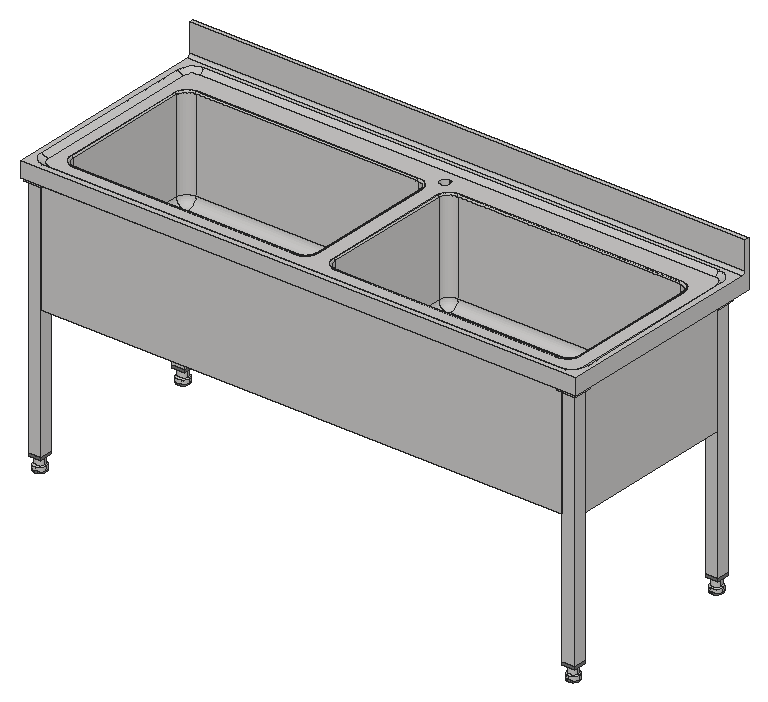
Revit family "QF_ELECTROLUXPROFESSIONAL_132914_SLP218N", category Attrezzature speciali, Revit 2020
Family settings
  Quota connettore circolare = Usa diametro
  Tipo di parte = Normale
  Basato su piano di lavoro = No
  Sempre verticale = Sì
  Taglio con vuoti quando caricato = No
  Condiviso = No
  Punto di calcolo locali = No
Parameters (values of type "Standard")
  Weight = 70.00 kg
  Watts = 0 W
  Volts = 0 V
  URL Manufacturer = "https://www.electroluxprofessional.com/"
  URL = "https://www.electroluxprofessional.com/"
  Steam Supply Size = 0 mm
  Steam Supply Minimum Pressure = 0.0 Pa
  Steam Supply Maximum Pressure = 0.0 Pa
  Steam Consumption per Hour = 0
  Refrigeration Suction Line Size = 0.0 mm
  Refrigeration Liquid Line Size = 0.0 mm
  Refrigerant Compressor Remote = yes
  Prospetto di default = 0.0 mm
  Phase = 0
  Modello = "SLP218N"
  Produttore = "Electrolux Professional"
  Length Actual = 1800.0 mm  # constant formula
  Item Number = "132914"
  Hot Water Size = 0 mm
  Height Actual = 900.0 mm  # constant formula
  HP = "0 HP"
  Gas Size = 0 mm
  Gas KW = 0
  Gas Input Pressure = 0 W
  Direct Waste Size = 139.7 mm
  Descrizione = "SOAKING SINK UNIT WITH 2 BOWLS (800X510X340MM), 1800MM"
  Depth Actual = 700.0 mm  # constant formula
  Cycle = 0 Hz
  Condensate Return Size = 0 mm
  Compressed Air Volume = 0.0 L/s
  Compressed Air Size = 0 mm
  Compressed Air Pressure = 0.0 Pa
  Cold Water Size = 0 mm
  Accessory = yes
Reference planes
  plane 1 "Center (Front/Back)": y = 0
  plane 2: z = 0
  plane 3 "LEFT": x = -1000
  plane 4 "RIGHT": x = 800
  plane 5 "BACK": y = 350
  plane 6 "FRONT": y = -350
  plane 7 "Base": z = 850
  plane 8 "TOP": z = 900
  plane 9 "Sink_Base": z = 608
  plane 10: z = 441
  plane 11 "PlaneGrid": z = 890
  plane 12: y = 246.5
  plane 13: y = 141
  plane 14 "Center (Left/Right)": x = -100
  plane 15: x = -205
  plane 16: x = 5
Forms (mm)
  Extrusion 1, solid, material "QF_Finishes_Stainless Steel"
    sketch origin (-100, 0, 0) x (0, 1, 0) y (0, 0, 1)
      loop
        line (-350, 850) -> (350, 850) -> (350, 1000) -> (337, 1000) -> (337, 910)
        arc (337, 910) -> (334.071, 902.929) -> (327, 900) r 10
        line (327, 900) -> (-350, 900) -> (-350, 850)
    from 900 to -900
  Extrusion 2, void
    sketch origin (-106.5, -23.5, 608) x (0, -1, 0) y (1, 0, 0)
      loop
        circle (-270, 6.5) r 16
    from 292 to 170.245
  Blend 3, void
    base sketch origin (0, 0, 900) x (0, 1, 0) y (-1, 0, 0)
      loop
        arc (312.89, 934.89) -> (298.832, 968.832) -> (264.89, 982.89) r 48
        line (264.89, 982.89) -> (-284.89, 982.89)
        arc (-284.89, 982.89) -> (-318.832, 968.832) -> (-332.89, 934.89) r 48
        line (-332.89, 934.89) -> (-332.89, -734.89)
        arc (-332.89, -734.89) -> (-318.832, -768.832) -> (-284.89, -782.89) r 48
        line (-284.89, -782.89) -> (264.89, -782.89)
        arc (264.89, -782.89) -> (298.832, -768.832) -> (312.89, -734.89) r 48
        line (312.89, -734.89) -> (312.89, 934.89)
    top sketch origin (0, 0, 900) x (0, 1, 0) y (-1, 0, 0)
      loop
        arc (-284.457, 964.457) -> (-305.67, 955.67) -> (-314.457, 934.457) r 30
        line (-314.457, 934.457) -> (-314.457, -734.985)
        arc (-314.457, -734.985) -> (-305.67, -756.198) -> (-284.457, -764.985) r 30
        line (-284.457, -764.985) -> (264.457, -764.985)
        arc (264.457, -764.985) -> (285.67, -756.198) -> (294.457, -734.985) r 30
        line (294.457, -734.985) -> (294.457, 934.457)
        arc (294.457, 934.457) -> (285.67, 955.67) -> (264.457, 964.457) r 30
        line (264.457, 964.457) -> (-284.457, 964.457)
    from 0 to -10
  Extrusion 4, void
    sketch origin (100, -25.02, 900) x (0, 1, 0) y (-1, 0, 0)
      loop
        arc (247.02, 986) -> (235.304, 1014.284) -> (207.02, 1026) r 40
        line (207.02, 1026) -> (-212.98, 1026)
        arc (-212.98, 1026) -> (-241.264, 1014.284) -> (-252.98, 986) r 40
        line (-252.98, 986) -> (-252.98, 264)
        arc (-252.98, 264) -> (-241.264, 235.716) -> (-212.98, 224) r 40
        line (-212.98, 224) -> (207.02, 224)
        arc (207.02, 224) -> (235.304, 235.716) -> (247.02, 264) r 40
        line (247.02, 264) -> (247.02, 986)
      loop
        line (-252.98, 136) -> (-252.98, -586)
        arc (-252.98, -586) -> (-241.264, -614.284) -> (-212.98, -626) r 40
        line (-212.98, -626) -> (207.02, -626)
        arc (207.02, -626) -> (235.304, -614.284) -> (247.02, -586) r 40
        line (247.02, -586) -> (247.02, 136)
        arc (247.02, 136) -> (235.304, 164.284) -> (207.02, 176) r 40
        line (207.02, 176) -> (-212.98, 176)
        arc (-212.98, 176) -> (-241.264, 164.284) -> (-252.98, 136) r 40
    from 63.904 to -121.755
Cuts and joins
  Extrusion 2, Blend 3, Extrusion 4 cuts Extrusion 1
Lines and regions (mm)
  symbolic lines
    curve 1: line (800, 350, 900) -> (-1000, 350, 900)
    curve 2: line (-1000, 350, 900) -> (-1000, -350, 900)
    curve 3: line (-1000, -350, 900) -> (800, -350, 900)
    curve 4: line (800, -350, 900) -> (800, 350, 900)
    curve 5: line (800, 337, 900) -> (-1000, 337, 900)
    curve 6: line (-982.89, -257.89, 900) -> (-982.89, 237.89, 900)
    curve 7: circle (-100, 246.5, 900) r 16 normal (0, 0, 1)
    curve 8: arc (-982.89, 264.89, 900) -> (-968.832, 298.832, 900) -> (-934.89, 312.89, 900) r 48
    curve 9: line (-934.89, 312.89, 900) -> (734.89, 312.89, 900)
    curve 10: line (-982.89, -284.89, 900) -> (-982.89, 264.89, 900)
    curve 11: arc (-934.89, -332.89, 900) -> (-968.832, -318.832, 900) -> (-982.89, -284.89, 900) r 48
    curve 12: line (734.89, -332.89, 900) -> (-934.89, -332.89, 900)
    curve 13: arc (782.89, -284.89, 900) -> (768.832, -318.832, 900) -> (734.89, -332.89, 900) r 48
    curve 14: line (782.89, 264.89, 900) -> (782.89, -284.89, 900)
    curve 15: arc (734.89, 312.89, 900) -> (768.832, 298.832, 900) -> (782.89, 264.89, 900) r 48
    curve 16: line (764.985, -284.457, 900) -> (764.985, 264.457, 900)
    curve 17: arc (764.985, 264.457, 900) -> (756.198, 285.67, 900) -> (734.985, 294.457, 900) r 30
    curve 18: line (734.985, 294.457, 900) -> (-934.457, 294.457, 900)
    curve 19: arc (-934.457, 294.457, 900) -> (-955.67, 285.67, 900) -> (-964.457, 264.457, 900) r 30
    curve 20: line (-964.457, 264.457, 900) -> (-964.457, -284.457, 900)
    curve 21: arc (-964.457, -284.457, 900) -> (-955.67, -305.67, 900) -> (-934.457, -314.457, 900) r 30
    curve 22: line (-934.457, -314.457, 900) -> (734.985, -314.457, 900)
    curve 23: arc (734.985, -314.457, 900) -> (756.198, -305.67, 900) -> (764.985, -284.457, 900) r 30
Dimensions and locks
  plane 3 "LEFT" to plane 4 "RIGHT" = 1800.0 mm  (x2)
  locked: plane 7 "Base" to level at 850
  locked: Extrusion 1 to level at 1000
  plane 8 "TOP" to level = 900.0 mm
  plane 5 "BACK" to plane 6 "FRONT" = 700.0 mm
  equal spacing: plane 5 "BACK", plane 1 "Center (Front/Back)", plane 6 "FRONT"
  plane 9 "Sink_Base" to level = 608.0 mm
  plane 10 to level = 441.0 mm
  locked: plane 5 "BACK" to plane 13 at 209
  aligned and locked: level to plane 2
  aligned and locked: curve 2 to plane 3 "LEFT"
Automatic sketch dimensions
  plane 6 "FRONT" to Blend 3 sketch curve = 17.11 mm
  Blend 3 sketch curve to Blend 3 sketch curve = 48.0 mm  (x3)
  plane 3 "LEFT" to Blend 3 sketch curve = 17.11 mm
  plane 6 "FRONT" to Blend 3 sketch curve = 65.11 mm
  Blend 3 sketch curve to plane 5 "BACK" = 37.11 mm
  Blend 3 sketch curve to plane 4 "RIGHT" = 65.11 mm
  curve 3 to plane 4 "RIGHT" = 0.0 mm
  curve 3 to plane 6 "FRONT" = 0.0 mm
  curve 4 to plane 5 "BACK" = 0.0 mm
  curve 5 to plane 5 "BACK" = 13.0 mm
  plane 6 "FRONT" to curve 6 = 92.11 mm
  plane 3 "LEFT" to curve 6 = 17.11 mm
  plane 6 "FRONT" to Blend 3 sketch curve = 35.543 mm
  Blend 3 sketch curve to Blend 3 sketch curve = 30.0 mm  (x3)
  Blend 3 sketch curve to plane 4 "RIGHT" = 35.015 mm
  plane 3 "LEFT" to Blend 3 sketch curve = 65.543 mm
  curve 9 to plane 5 "BACK" = 37.11 mm
  curve 8 to curve 6 = 48.0 mm
  curve 10 to curve 6 = 27.0 mm
  curve 11 to curve 11 = 48.0 mm
  curve 12 to plane 4 "RIGHT" = 65.11 mm
  curve 13 to curve 13 = 48.0 mm
  curve 15 to curve 16 = 17.905 mm
  curve 17 to curve 15 = 0.095 mm
  curve 13 to curve 16 = 0.433 mm
  curve 18 to curve 8 = 0.433 mm
  curve 19 to curve 8 = 0.433 mm
  curve 11 to curve 20 = 0.433 mm
  curve 21 to curve 11 = 0.433 mm
  curve 22 to curve 13 = 0.095 mm
  plane 6 "FRONT" to Extrusion 4 sketch curve = 72.0 mm  (x2)
  Extrusion 4 sketch curve to Extrusion 4 sketch curve = 40.0 mm  (x5)
  Extrusion 4 sketch curve to Extrusion 4 sketch curve = 0.0 mm  (x2)
  Extrusion 4 sketch curve to plane 4 "RIGHT" = 114.0 mm
  plane 3 "LEFT" to Extrusion 4 sketch curve = 114.0 mm
  curve 19 to curve 18 = 30.0 mm
  curve 17 to curve 17 = 30.0 mm
  curve 7 to plane 5 "BACK" = 103.5 mm
  curve 6 to curve 8 = 27.0 mm
  Extrusion 2 sketch curve to plane 5 "BACK" = 103.5 mm
  Blend 3 sketch curve to plane 5 "BACK" = 85.543 mm  (x2)
  Extrusion 4 sketch curve to plane 12 = 64.5 mm  (x3)
  Extrusion 4 sketch curve to Extrusion 4 sketch curve = 48.0 mm
  curve 15 to curve 7 = 834.89 mm
  Extrusion 2 sketch curve to plane 4 "RIGHT" = 900.0 mm
  Extrusion 4 sketch curve to plane 4 "RIGHT" = 836.0 mm
  Extrusion 1 sketch curve to plane 6 "FRONT" = 0.0 mm
  Extrusion 1 sketch curve to plane 8 "TOP" = 0.0 mm
  Extrusion 1 sketch curve to plane 5 "BACK" = 0.0 mm
  Extrusion 1 sketch curve to plane 7 "Base" = 0.0 mm
  plane 8 "TOP" to Extrusion 1 sketch curve = 10.0 mm
  Extrusion 1 sketch curve to plane 5 "BACK" = 23.0 mm
  Extrusion 1 sketch curve to Extrusion 1 sketch curve = 90.0 mm
  radius of Extrusion 2 sketch curve = 16.0 mm
  radius of curve 7 = 16.0 mm
Nested families
  nested 1: "SINK_Vasca80x50_T3_DEEP" at (-524.949, -28, 0), type "SINK_Vasca80x50_T3_DEEP"
  nested 2: "SINK_Vasca80x50_T3_DEEP" at (324.949, -28, 0) x (-1, 0, 0) z (0, 0, 1), type "SINK_Vasca80x50_T3_DEEP"
  nested 3: "TAV_W1800_CASSH" at (-250, 0, 0), type "TAV_W1800_CASSH"
Connectors
  piping at (-205, 141, 528.5), diameter 30
    settings: on nested 1, index 1, connector inside diameter 609.6 mm, connector length 0.0 mm, flow factor 0, pipe flow 0.0 L/s, pressure drop 0.0 Pa, fitting loss kfactor 0, connector angle 0.00°, fixture units 0, engagement length 0.0 mm, angle of deflection 0.00°, flow configuration 1, flow direction 2, fitting loss method 0, system type 16, joint type 0, gender type 0, connector reference index -1, connector utility 0, adjustable connector no, is connector primary yes, connector description "Drain 1"
  piping at (5, 141, 528.5), diameter 30
    settings: on nested 2, index 2, connector inside diameter 609.6 mm, connector length 0.0 mm, flow factor 0, pipe flow 0.0 L/s, pressure drop 0.0 Pa, fitting loss kfactor 0, connector angle 0.00°, fixture units 0, engagement length 0.0 mm, angle of deflection 0.00°, flow configuration 1, flow direction 2, fitting loss method 0, system type 16, joint type 0, gender type 0, connector reference index -1, connector utility 0, adjustable connector no, is connector primary no, connector description "Drain 2"
Definition of nested family "SINK_Vasca80x50_T3_DEEP"
  Parameters
    Width = 800.0 mm
    ScaricoY = 80.0 mm
    ScaricoX = 80.0 mm
    Default Elevation = 0.0 mm
    Height_Top = 900.0 mm
    FEET = 850.0 mm
    Depth = 500.0 mm
  Reference planes
    plane 1 "Center (Front/Back)": y = 0
    plane 2: z = 0
    plane 3 "Center (Left/Right)": x = 0
    plane 4 "Top": z = 900
    plane 5 "Left": x = -400
    plane 6 "Right": x = 400
    plane 7 "Back": y = 250
    plane 8 "Front": y = -250
    plane 9 "BaseVasca": z = 558
    plane 10: y = 169
    plane 11: x = 319.949
  Forms (mm)
    Sweep 1, solid
      path origin (1.49, 0, 900) x (-1, 0, 0) y (0, -1, 0)
        loop
          line (-398.51, 210) -> (-398.51, -210)
          arc (-398.51, -210) -> (-386.794, -238.284) -> (-358.51, -250) r 40
          line (-358.51, -250) -> (360.416, -250)
          arc (360.416, -250) -> (389.46, -237.97) -> (401.49, -208.926) r 41.074
          line (401.49, -208.926) -> (401.49, 209.721)
          arc (401.49, 209.721) -> (389.693, 238.203) -> (361.211, 250) r 40.279
          line (361.211, 250) -> (-358.51, 250)
          arc (-358.51, 250) -> (-386.794, 238.284) -> (-398.51, 210) r 40
      profile origin (400, 0, 900) x (-1, 0, 0) y (0, 0, 1)
        loop
          arc (5, -15) -> (3.536, -11.464) -> (0, -10) r 5
          line (0, -10) -> (0, -11.5)
          arc (0, -11.5) -> (2.475, -12.525) -> (3.5, -15) r 3.5
          line (3.5, -15) -> (3.5, -310.5)
          arc (3.5, -310.5) -> (12.726, -332.774) -> (35, -342) r 31.5
          line (35, -342) -> (35, -340.5)
          arc (35, -340.5) -> (13.787, -331.713) -> (5, -310.5) r 30
          line (5, -310.5) -> (5, -15)
    Revolve 2, solid
      sketch origin (319.949, -10, 0) x (0, 1, 0) y (0, 0, 1)
        loop
          line (195.5, 542.617) -> (207.058, 549.84) -> (207.058, 558) -> (205.558, 558) -> (205.558, 550.671) -> (194, 543.449) -> (194, 528.5) -> (195.5, 528.5) -> (195.5, 542.617)
        axis (179, 558) -> (179, 528.5)
      angle from 0 to 360
    Extrusion 3, solid
      sketch origin (49, 0, 558) x (0, -1, 0) y (1, 0, 0)
        loop
          line (-215, 311) -> (-215, -407.926)
          arc (-215, -407.926) -> (-213.221, -412.221) -> (-208.926, -414) r 6.074
          line (-208.926, -414) -> (209.721, -414)
          arc (209.721, -414) -> (213.454, -412.454) -> (215, -408.721) r 5.279
          line (215, -408.721) -> (215, 311)
          arc (215, 311) -> (213.536, 314.536) -> (210, 316) r 5
          line (210, 316) -> (-210, 316)
          arc (-210, 316) -> (-213.536, 314.536) -> (-215, 311) r 5
      from 0 to 1.5
    Extrusion 4, void
      sketch origin (0, 0, 558) x (0, -1, 0) y (1, 0, 0)
        loop
          circle (-169, 319.949) r 28
      from -140.513 to 32.144
  Cuts and joins
    Extrusion 4 cuts Sweep 1
    Extrusion 4 cuts Extrusion 3
    joined: Sweep 1, Extrusion 3
  Lines and regions (mm)
    symbolic lines
      curve 1: circle (319.949, 169.058, 0) r 16.5 normal (0, 0, -1)
      curve 2: arc (-360, 250, 0) -> (-388.284, 238.284, 0) -> (-400, 210, 0) r 40
      curve 3: arc (-400, -210, 0) -> (-388.284, -238.284, 0) -> (-360, -250, 0) r 40
      curve 4: line (-400, 210, 0) -> (-400, -210, 0)
      curve 5: line (-360, -250, 0) -> (360, -250, 0)
      curve 6: line (360, 250, 0) -> (-360, 250, 0)
      curve 7: arc (360, -250, 0) -> (388.284, -238.284, 0) -> (400, -210, 0) r 40
      curve 8: arc (400, 210, 0) -> (388.284, 238.284, 0) -> (360, 250, 0) r 40
      curve 9: line (400, 210, 0) -> (400, -210, 0)
  Dimensions and locks
    equal spacing: plane 5 "Left", plane 3 "Center (Left/Right)", plane 6 "Right"
    "Width": plane 5 "Left" to plane 6 "Right"
    equal spacing: plane 7 "Back", plane 1 "Center (Front/Back)", plane 8 "Front"
    "Depth": plane 7 "Back" to plane 8 "Front"
    "Height_Top": plane 4 "Top" to level
    plane 9 "BaseVasca" to level = 558.0 mm
    aligned and locked: level to plane 2
  Automatic sketch dimensions
    curve 4 to plane 5 "Left" = 0.0 mm
    curve 6 to plane 7 "Back" = 0.0 mm
    curve 3 to plane 8 "Front" = 0.0 mm
    curve 1 to plane 11 = 0.0 mm
    curve 7 to plane 6 "Right" = 0.0 mm
    curve 4 to curve 3 = 40.0 mm
    plane 5 "Left" to curve 6 = 40.0 mm
    curve 6 to plane 6 "Right" = 40.0 mm
    curve 5 to plane 6 "Right" = 40.0 mm
    plane 10 to curve 1 = 0.058 mm
    Sweep 1 sketch curve to plane 6 "Right" = 0.0 mm
    Sweep 1 sketch curve to plane 8 "Front" = 0.0 mm
    Sweep 1 sketch curve to plane 7 "Back" = 0.0 mm
    Sweep 1 sketch curve to plane 5 "Left" = 0.0 mm
    Sweep 1 sketch curve to Sweep 1 sketch curve = 40.0 mm  (x2)
    plane 10 to Sweep 1 sketch curve = 39.926 mm
    plane 5 "Left" to Sweep 1 sketch curve = 40.279 mm
    Sweep 1 sketch curve to Sweep 1 sketch curve = 0.0 mm  (x4)
    Sweep 1 sketch curve to profile plane = 0.0 mm
    Sweep 1 sketch curve to profile plane = 3.5 mm
    Sweep 1 sketch curve to Sweep 1 sketch curve = 1.5 mm
    Sweep 1 sketch curve to Sweep 1 sketch curve = 30.0 mm
    Sweep 1 sketch curve to plane 4 "Top" = 342.0 mm
    Sweep 1 sketch curve to plane 4 "Top" = 15.0 mm
    Revolve 2 sketch curve to plane 10 = 0.0 mm
    plane 9 "BaseVasca" to Revolve 2 sketch curve = 0.0 mm
    plane 10 to Revolve 2 sketch curve = 15.0 mm
    Revolve 2 sketch curve to Revolve 2 sketch curve = 1.5 mm  (x2)
    Revolve 2 sketch curve to Revolve 2 sketch curve = 10.058 mm
    plane 9 "BaseVasca" to Revolve 2 sketch curve = 7.329 mm
    Revolve 2 sketch curve to Revolve 2 sketch curve = 0.831 mm  (x2)
    Revolve 2 sketch curve to Revolve 2 sketch curve = 7.222 mm
    Revolve 2 sketch curve to Revolve 2 sketch curve = 14.117 mm
    Revolve 2 sketch curve to Revolve 2 sketch curve = 22.0 mm
    Revolve 2 sketch curve to plane 9 "BaseVasca" = 88.5 mm
    Extrusion 4 sketch curve to plane 10 = 0.0 mm
    Extrusion 4 sketch curve to plane 11 = 0.0 mm
    Extrusion 3 sketch curve to plane 7 "Back" = 35.0 mm
    Extrusion 3 sketch curve to Extrusion 3 sketch curve = 6.074 mm
    plane 5 "Left" to Extrusion 3 sketch curve = 35.0 mm
    Extrusion 3 sketch curve to Extrusion 3 sketch curve = 5.0 mm
    plane 8 "Front" to Extrusion 3 sketch curve = 40.0 mm
    Extrusion 3 sketch curve to Extrusion 3 sketch curve = 5.279 mm
    Extrusion 3 sketch curve to plane 6 "Right" = 40.0 mm  (x2)
    radius of curve 1 = 16.5 mm
    radius of Extrusion 4 sketch curve = 28.0 mm
Definition of nested family "TAV_W1800_CASSH"
  Parameters
    Default Elevation = 0.0 mm
    Model = "TAV_W1800_CASSH"
    Manufacturer = "Electrolux Professional"
    Description = ""
  Reference planes
    plane 1 "Center (Front/Back)": y = 0
    plane 2: z = 0
    plane 3 "Center (Left/Right)": x = 150
    plane 4 "LEFT": x = -750
    plane 5 "RIGHT": x = 1050
    plane 6 "BACK": y = 350
    plane 7 "FRONT": y = -350
    plane 8 "Base": z = 850
    plane 9 "TOP": z = 900
    plane 10: x = -714.5
    plane 11: x = 1014.5
    plane 12: y = 265.5
    plane 13: y = -314.5
    plane 14: x = -694.5
    plane 15: x = 994.5
    plane 16 "RIPIANO": z = 200
  Forms (mm)
    Extrusion 1, solid
      sketch origin (0, 0.5, 850) x (0, 1, 0) y (-1, 0, 0)
        loop
          line (245, 734.5) -> (-295, 734.5) -> (-295, 733) -> (245, 733) -> (245, 734.5)
        loop
          line (-295, -1034.5) -> (285, -1034.5) -> (285, -1033) -> (-295, -1033) -> (-295, -1034.5)
        loop
          line (-335, 694.5) -> (-335, -994.5) -> (-333.5, -994.5) -> (-333.5, 694.5) -> (-335, 694.5)
      from -10 to -370
    Extrusion 2, solid
      sketch origin (-4.534, 0, 850) x (0, 1, 0) y (-1, 0, 0)
        loop
          line (235.5, 729.966) -> (-284.5, 729.966) -> (-284.5, 689.966) -> (235.5, 689.966) -> (235.5, 729.966)
        loop
          line (-334.506, 679.966) -> (-334.506, -989.034) -> (-294.506, -989.034) -> (-294.506, 679.966) -> (-334.506, 679.966)
        loop
          line (-284.5, -1039.034) -> (235.5, -1039.034) -> (235.5, -999.034) -> (-284.5, -999.034) -> (-284.5, -1039.034)
        loop
          line (285.5, 679.966) -> (245.5, 679.966) -> (245.5, -989.034) -> (285.5, -989.034) -> (285.5, 679.966)
      from 0 to -10
  Lines and regions (mm)
    symbolic lines, detail levels coarse
      curve 1: line (-750, 350, 200) -> (1050, 350, 200)
      curve 2: line (-750, -350, 200) -> (-750, 350, 200)
      curve 3: line (1050, -350, 200) -> (-750, -350, 200)
      curve 4: line (1050, 350, 200) -> (1050, -350, 200)
  Dimensions and locks
    plane 4 "LEFT" to plane 5 "RIGHT" = 1800.0 mm
    equal spacing: plane 4 "LEFT", plane 3 "Center (Left/Right)", plane 5 "RIGHT"
    locked: plane 8 "Base" to level at 850
    plane 4 "LEFT" to plane 10 = 35.5 mm
    plane 11 to plane 5 "RIGHT" = 35.5 mm
    plane 10 to plane 11 = 1729.0 mm
    plane 9 "TOP" to level = 900.0 mm
    plane 6 "BACK" to plane 12 = 84.5 mm
    plane 13 to plane 7 "FRONT" = 35.5 mm
    plane 6 "BACK" to plane 7 "FRONT" = 700.0 mm
    plane 12 to plane 13 = 580.0 mm
    equal spacing: plane 6 "BACK", plane 1 "Center (Front/Back)", plane 7 "FRONT"
    locked: plane 14 to plane 4 "LEFT" at 55.5
    locked: plane 5 "RIGHT" to plane 15 at 55.5
    plane 16 "RIPIANO" to level = 200.0 mm
    plane 2 to plane 16 "RIPIANO" to plane 8 "Base" = 200.0 mm, 650.0 mm
    aligned and locked: level to plane 2
    aligned and locked: plane 10 to nested 1
    aligned and locked: nested 1 to plane 13
    aligned and locked: plane 11 to nested 2
    aligned and locked: nested 2 to plane 13
    aligned and locked: plane 11 to nested 4
    aligned and locked: nested 4 to plane 12
    aligned and locked: plane 10 to nested 3
    aligned and locked: nested 3 to plane 12
    aligned and locked: plane 14 to Extrusion 1 sketch curve
    aligned and locked: Extrusion 1 sketch curve to plane 15
    aligned and locked: Extrusion 1 to Extrusion 2
  Automatic sketch dimensions
    plane 7 "FRONT" to Extrusion 1 sketch curve = 15.5 mm
    plane 13 to Extrusion 1 sketch curve = 20.0 mm  (x2)
    plane 4 "LEFT" to Extrusion 1 sketch curve = 15.5 mm
    Extrusion 1 sketch curve to plane 5 "RIGHT" = 15.5 mm
    Extrusion 1 sketch curve to Extrusion 1 sketch curve = 1.5 mm  (x3)
    Extrusion 1 sketch curve to plane 6 "BACK" = 104.5 mm
    Extrusion 1 sketch curve to plane 6 "BACK" = 64.5 mm
    plane 15 to Extrusion 2 sketch curve = 10.0 mm  (x2)
    plane 7 "FRONT" to Extrusion 2 sketch curve = 15.494 mm
    plane 13 to Extrusion 2 sketch curve = 19.994 mm
    Extrusion 2 sketch curve to plane 5 "RIGHT" = 15.5 mm
    plane 13 to Extrusion 2 sketch curve = 30.0 mm  (x2)
    Extrusion 2 sketch curve to plane 14 = 0.0 mm
    Extrusion 2 sketch curve to plane 12 = 30.0 mm  (x2)
    Extrusion 2 sketch curve to plane 12 = 20.0 mm
    plane 12 to Extrusion 2 sketch curve = 20.0 mm
    Extrusion 2 sketch curve to plane 15 = 0.0 mm
    Extrusion 2 sketch curve to plane 14 = 10.0 mm  (x2)
    Extrusion 2 sketch curve to plane 10 = 20.0 mm
    curve 3 to plane 4 "LEFT" = 0.0 mm
    curve 3 to plane 7 "FRONT" = 0.0 mm
    curve 2 to plane 6 "BACK" = 0.0 mm
    curve 1 to plane 5 "RIGHT" = 0.0 mm
  Nested families
    nested 1: "FEET_40x40_TAV" at (-714.5, -314.5, 0), type "FEET_40x40_TAV"
    nested 2: "FEET_40x40_TAV" at (1014.5, -314.5, 0), type "FEET_40x40_TAV"
    nested 3: "FEET_40x40_TAV" at (-714.5, 265.5, 0), type "FEET_40x40_TAV"
    nested 4: "FEET_40x40_TAV" at (1014.5, 265.5, 0), type "FEET_40x40_TAV"
  Definition of nested family "FEET_40x40_TAV"
    Parameters
      Default Elevation = 0.0 mm
      FEET = 850.0 mm
    Reference planes
      plane 1 "Center (Front/Back)": y = 0
      plane 2: z = 0
      plane 3 "Center (Left/Right)": x = 0
      plane 4: z = 850
    Forms (mm)
      Extrusion 1, solid
        sketch origin (0, 0, 0) x (1, 0, 0) y (0, 1, 0)
          loop
            line (-20, -20) -> (20, -20) -> (20, 20) -> (-20, 20) -> (-20, -20)
        from 50 to 840
      Extrusion 2, solid
        sketch origin (0, 0, 0) x (1, 0, 0) y (0, 1, 0)
          loop
            circle (0, 0) r 20
        from 0 to 5
      Extrusion 3, solid
        sketch origin (0, 0, 0) x (1, 0, 0) y (0, 1, 0)
          loop
            line (30, 30) -> (-30, 30) -> (-30, -30) -> (30, -30) -> (30, 30)
        from 840 to 850
      Extrusion 4, solid
        sketch origin (0, 0, 0) x (1, 0, 0) y (0, 1, 0)
          loop
            line (-20, -20) -> (20, -20) -> (20, 20) -> (-20, 20) -> (-20, -20)
        from 50 to 42
      Revolve 5, solid
        sketch origin (0, 0, 0) x (1, 0, 0) y (0, 0, 1)
          loop
            line (0, 42) -> (-15, 42) -> (-15, 20) -> (-20, 15) -> (-20, 5) -> (0, 5) -> (0, 42)
          axis (0, 42) -> (0, 5)
        angle from 0 to 360
    Lines and regions (mm)
      symbolic lines
        curve 1: line (0, -1.503, 0) -> (0, 1.508, 0)
        curve 2: line (1.561, 0, 0) -> (-1.439, 0, 0)
    Dimensions and locks
      "FEET": plane 4 to plane 2
      aligned and locked: level to plane 2
    Automatic sketch dimensions
      plane 1 "Center (Front/Back)" to curve 2 = 0.0 mm
      curve 1 to plane 3 "Center (Left/Right)" = 0.0 mm
      curve 2 to plane 3 "Center (Left/Right)" = 1.439 mm
      plane 3 "Center (Left/Right)" to curve 2 = 1.561 mm
      plane 1 "Center (Front/Back)" to curve 1 = 1.503 mm
      curve 1 to plane 1 "Center (Front/Back)" = 1.508 mm
      Extrusion 1 sketch curve to plane 3 "Center (Left/Right)" = 20.0 mm
      plane 3 "Center (Left/Right)" to Extrusion 1 sketch curve = 20.0 mm
      plane 1 "Center (Front/Back)" to Extrusion 1 sketch curve = 20.0 mm
      Extrusion 1 sketch curve to plane 1 "Center (Front/Back)" = 20.0 mm
      plane 1 "Center (Front/Back)" to Extrusion 2 sketch curve = 0.0 mm
      Extrusion 2 sketch curve to plane 3 "Center (Left/Right)" = 0.0 mm
      Extrusion 3 sketch curve to plane 3 "Center (Left/Right)" = 30.0 mm
      plane 3 "Center (Left/Right)" to Extrusion 3 sketch curve = 30.0 mm
      plane 1 "Center (Front/Back)" to Extrusion 3 sketch curve = 30.0 mm
      Extrusion 3 sketch curve to plane 1 "Center (Front/Back)" = 30.0 mm
      Extrusion 4 sketch curve to plane 3 "Center (Left/Right)" = 20.0 mm
      plane 3 "Center (Left/Right)" to Extrusion 4 sketch curve = 20.0 mm
      plane 1 "Center (Front/Back)" to Extrusion 4 sketch curve = 20.0 mm
      Extrusion 4 sketch curve to plane 1 "Center (Front/Back)" = 20.0 mm
      Revolve 5 sketch curve to plane 3 "Center (Left/Right)" = 0.0 mm  (x2)
      Revolve 5 sketch curve to plane 3 "Center (Left/Right)" = 15.0 mm
      Revolve 5 sketch curve to Revolve 5 sketch curve = 5.0 mm  (x3)
      level to Revolve 5 sketch curve = 5.0 mm
      Revolve 5 sketch curve to Revolve 5 sketch curve = 10.0 mm
      Revolve 5 sketch curve to Revolve 5 sketch curve = 22.0 mm
      Revolve 5 sketch curve to level = 9.561 mm
      radius of Extrusion 2 sketch curve = 20.0 mm
